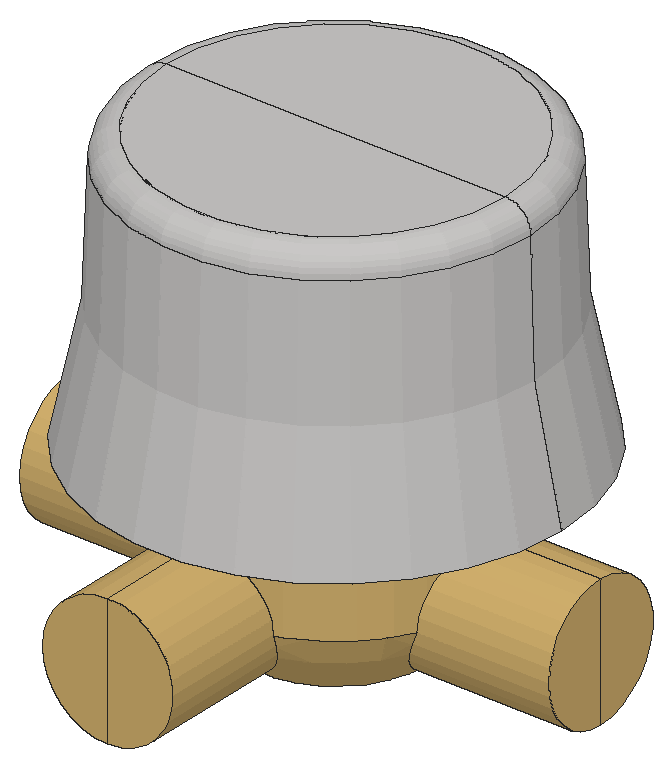
Revit family "Valve-Delta-Vero-Mixing", category Pipe Fittings, host Face, Revit 2012
Parameters (values of type "Type 1")
  z Offset = 0.000"
  Width = 3.400"  # constant formula
  URL = "http://www.deltafaucet.com/index.html"
  Tub Spout Flow [instance] = 0 GPM
  Shower Head Flow [instance] = 0 GPM
  Secondary Material = Stainless Steel - Delta - Polished
  Product Page URL = "http://www.deltafaucet.com/bath/details/r11000.html"
  Product Material = Brass - Delta - Brilliance
  Product Documentation Link = "http://www.deltafaucet.com/customersupport/documentation/r11000.html?document=ts&fromDetailArea=bath&documentIndex=0#flashWrapper"
  Part Number [instance] = Model  # "R11000"
  Part Description [instance] = Description  # "3/6 Setting Diverter Rough Mixing Valve"
  Model Disclaimer = "Contact Delta Faucet Company for More Information"  # constant formula
  Model = "R11000"  # constant formula
  Manufacturer = "Delta Faucet Company"  # constant formula
  Hot Water Flow [instance] = 0 GPM
  Height = 3.400"  # constant formula
  Family Version = "1.0"  # constant formula
  Equipment Number [instance] = ""
  Equipment Abbreviation = "MV"
  Description = "3/6 Setting Diverter Rough Mixing Valve"  # constant formula
  Depth = 3.050"  # constant formula
  Default Elevation = 48.000"
  Date Modified = "July 17, 2015"  # constant formula
  Date Created = "July 17, 2015"  # constant formula
  Copyright = "Copyright ©2015 Delta Faucet Company"  # constant formula
  Cold Water Flow [instance] = 0 GPM
Reference planes (in)
  plane 1 "Center (Front/Back)": y = 0
  plane 2 "Center (Elevation)": z = 0
  plane 3 "Center (Left/Right)": x = 0
  plane 4: x = -1.45
  plane 5: x = 1.45
  plane 6: z = 0
  plane 7: z = 3.05
  plane 8: z = 0
  plane 9: z = 1.25
  plane 10: x = 0.95
  plane 11: x = -0.95
  plane 12: z = 0.64
  plane 13: x = 1.7
  plane 14: x = -1.7
  plane 15: z = 1.06
  plane 16 "2": x = -0.11
  plane 17: y = -1.7
  plane 18: y = 1.7
Forms (in)
  Revolve 1, solid, material "Stainless Steel - Delta - Polished" <- "Secondary Material"
    sketch origin (0, 0, 0) x (1, 0, 0) y (0, 0, 1)
      loop
        line (0, 1.25) -> (1.45, 1.25)
        arc (1.45, 1.25) -> (1.27903, 2.0579) -> (1.24945, 2.88317) r 4.78707
        arc (1.24945, 2.88317) -> (1.20594, 3.00061) -> (1.09084, 3.05) r 0.15881
        line (1.09084, 3.05) -> (0, 3.05) -> (0, 1.25)
      axis (0, 3.05) -> (0, 1.25)
    angle from 0 to 360
  Revolve 2, solid, material "Brass - Delta - Brilliance" <- "Product Material"
    sketch origin (0, 0, 0) x (1, 0, 0) y (0, 0, 1)
      loop
        line (1.7, 1.06) -> (-1.7, 1.06) -> (-1.7, 0.64) -> (1.7, 0.64) -> (1.7, 1.06)
      axis (-1.7, 0.64) -> (1.7, 0.64)
    angle from 0 to 360
  Revolve 3, solid, material "Brass - Delta - Brilliance" <- "Product Material"
    sketch origin (-0.11, 0, 0) x (0, 1, 0) y (0, 0, 1)
      loop
        line (1.7, 1.06) -> (-1.7, 1.06) -> (-1.7, 0.64) -> (1.7, 0.64) -> (1.7, 1.06)
      axis (1.7, 0.64) -> (-1.7, 0.64)
    angle from 0 to 360
  Revolve 4, solid, material "Brass - Delta - Brilliance" <- "Product Material"
    sketch origin (0, 0, 0) x (1, 0, 0) y (0, 0, 1)
      loop
        arc (0, 0) -> (0.57656, 0.16924) -> (0.95, 0.64) r 0.99317
        line (0.95, 0.64) -> (0.95, 1.25) -> (0, 1.25) -> (0, 0)
      axis (0, 1.25) -> (0, 0)
    angle from 0 to 360
Cuts and joins
  joined: Revolve 2, Revolve 3, Revolve 4
Lines and regions (in)
  Masking region 1
    outline origin (0, 0, 0) x (1, 0, 0) y (0, 1, 0)
      loop
        circle (0, 0) r 1.45
  Masking region 2, detail levels fine
    outline origin (0, 0, 0) x (1, 0, 0) y (0, 1, 0)
      loop
        line (-0.53, 1.7) -> (-0.53, 0.82346) -> (0.31, 0.82346) -> (0.31, 1.7) -> (-0.53, 1.7)
      loop
        line (-1.7, 0.42) -> (-1.7, -0.42) -> (-0.77488, -0.42) -> (-0.77488, 0.42) -> (-1.7, 0.42)
      loop
        line (-0.53, -1.7) -> (0.31, -1.7) -> (0.31, -0.80901) -> (-0.53, -0.80901) -> (-0.53, -1.7)
      loop
        line (1.7, -0.42) -> (1.7, 0.42) -> (0.7, 0.42) -> (0.7, -0.42) -> (1.7, -0.42)
Dimensions and locks (in)
  equal spacing: plane 4, plane 3 "Center (Left/Right)", plane 5
  "z Offset": plane 6 to plane 2 "Center (Elevation)"
  plane 7 to plane 8 = 3.050"
  plane 8 to plane 6 = 0.000"
  locked: plane 7 to plane 9 at 1.8
  equal spacing: plane 18, plane 1 "Center (Front/Back)", plane 17
  plane 18 to plane 17 = 3.400"
  locked: plane 7 to plane 15 at 1.99
  locked: plane 7 to plane 12 at 2.41
  aligned and locked: plane 2 "Center (Elevation)" to host face
  aligned and locked: level to host face
  aligned and locked: plane 7 to Revolve 1 sketch curve
  aligned and locked: Revolve 1 sketch curve to plane 9
  aligned and locked: plane 5 to Revolve 1 sketch curve
  aligned and locked: Revolve 1 sketch curve to plane 3 "Center (Left/Right)"
  aligned and locked: Revolve 2 sketch curve to plane 12
  aligned and locked: plane 13 to Revolve 2 sketch curve
  aligned and locked: plane 15 to Revolve 2 sketch curve
  aligned and locked: plane 14 to Revolve 2 sketch curve
  aligned and locked: plane 17 to Revolve 3 sketch curve
  aligned and locked: plane 12 to Revolve 3 sketch curve
  aligned and locked: Revolve 3 sketch curve to plane 15
  aligned and locked: plane 18 to Revolve 3 sketch curve
  aligned and locked: plane 9 to Revolve 4 sketch curve
  aligned and locked: plane 10 to Revolve 4 sketch curve
  aligned and locked: Revolve 4 sketch curve to plane 3 "Center (Left/Right)"
Automatic sketch dimensions
  host sketch curve to host sketch curve = 4.000"  (x2)
  Revolve 1 sketch curve to plane 5 = 0.35916"
  Revolve 1 sketch curve to Revolve 1 sketch curve = 0.15861"
  Revolve 1 sketch curve to Revolve 1 sketch curve = 0.000"
  Revolve 1 sketch curve to plane 7 = 0.40864"
  Revolve 2 sketch curve to plane 12 = 0.000"
  plane 14 to Revolve 2 sketch curve = 58.390"
  plane 13 to Revolve 2 sketch curve = 63.73541"
  Revolve 3 sketch curve to plane 12 = 0.000"
  plane 17 to Revolve 3 sketch curve = 98.88824"
  plane 18 to Revolve 3 sketch curve = 80.87514"
  Revolve 4 sketch curve to plane 8 = 0.000"
  Revolve 4 sketch curve to plane 12 = 0.000"
  plane 3 "Center (Left/Right)" to Revolve 4 sketch curve = 0.02166"
  Revolve 4 sketch curve to plane 3 "Center (Left/Right)" = 0.000"
  Revolve 4 sketch curve to level = 24.000"
  plane 7 to Revolve 4 sketch curve = 90.84382"
  plane 1 "Center (Front/Back)" to Masking region 1 sketch curve = 0.000"
  Masking region 1 sketch curve to plane 3 "Center (Left/Right)" = 0.000"
  Masking region 2 sketch curve to plane 14 = 0.000"
  plane 18 to Masking region 2 sketch curve = 0.000"
  Masking region 2 sketch curve to plane 17 = 0.000"
  Masking region 2 sketch curve to plane 13 = 0.000"
  Masking region 2 sketch curve to plane 11 = 0.17512"
  Masking region 2 sketch curve to plane 11 = 0.420"  (x2)
  plane 3 "Center (Left/Right)" to Masking region 2 sketch curve = 0.310"  (x2)
  Masking region 2 sketch curve to plane 10 = 0.250"
  plane 1 "Center (Front/Back)" to Masking region 2 sketch curve = 0.80901"
  plane 1 "Center (Front/Back)" to Masking region 2 sketch curve = 0.420"  (x2)
  Masking region 2 sketch curve to plane 1 "Center (Front/Back)" = 0.420"  (x2)
  Masking region 2 sketch curve to Masking region 2 sketch curve = 0.40346"
  radius of Masking region 1 sketch curve = 1.450"
Connectors (in)
  piping at (-0.11, -1.7, 0.64), driven by "Tub Spout Flow"
    settings: on Revolve 3, index 1, connector radius 1/4", flow factor 0, pipe flow 0 GPM, pressure drop 0.00 psi, fitting loss kfactor 0, connector angle 0.000°, fixture units 0, engagement length 0.000", flow configuration 0, flow direction 2, fitting loss method 0, system type 7, joint type 0, gender type 0, connector reference index -1, connector utility 0, adjustable connector no, is connector primary yes, fitting loss table "", connector description "Tub Spout Supply"
  piping at (-1.7, 0, 0.64), driven by "Hot Water Flow"
    settings: on Revolve 2, index 2, connector radius 1/4", flow factor 0, pipe flow 0 GPM, pressure drop 0.00 psi, fitting loss kfactor 0, connector angle 0.000°, fixture units 0, engagement length 0.000", flow configuration 0, flow direction 1, fitting loss method 0, system type 19, joint type 0, gender type 0, connector reference index -1, connector utility 0, adjustable connector no, is connector primary no, fitting loss table "", connector description "Hot Water"
  piping at (-0.11, 1.7, 0.64), driven by "Shower Head Flow"
    settings: on cut or joined group of Revolve 2, Revolve 3, Revolve 4, index 3, connector radius 1/4", flow factor 0, pipe flow 0 GPM, pressure drop 0.00 psi, fitting loss kfactor 0, connector angle 0.000°, fixture units 0, engagement length 0.000", flow configuration 0, flow direction 2, fitting loss method 0, system type 29, joint type 0, gender type 0, connector reference index -1, connector utility 0, adjustable connector no, is connector primary no, fitting loss table "", connector description "Shower Head Supply"
  piping at (1.7, 0, 0.64), driven by "Cold Water Flow"
    settings: on Revolve 2, index 4, connector radius 1/4", flow factor 0, pipe flow 0 GPM, pressure drop 0.00 psi, fitting loss kfactor 0, connector angle 0.000°, fixture units 0, engagement length 0.000", flow configuration 0, flow direction 1, fitting loss method 0, system type 20, joint type 0, gender type 0, connector reference index -1, connector utility 0, adjustable connector no, is connector primary no, fitting loss table "", connector description "Cold Water"
